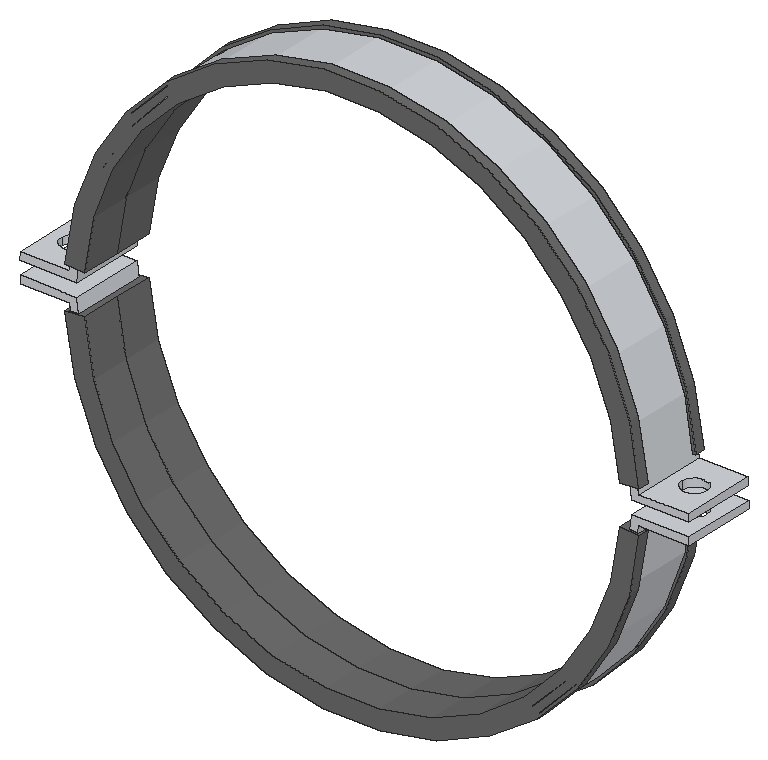
Revit family "Edelstahlrohrschelle V4A, ohne AG, ohne VS, Ø321- 410, Gummi", category HLS-Bauteile, Revit 2017
Family settings
  Bemaßung runder Anschluss = Durchmesser verwenden
  Teiletyp = Normal
  Arbeitsebenenbasiert = Ja
  Immer vertikal = Nein
  Beim Laden mit Abzugskörper schneiden = Nein
  Gemeinsam genutzt = Ja
  Raumberechnungspunkt = Nein
Parameters (values of type "Edelstahlrohrschelle V4A, o.AG, o.VS, Ø351-360, Gummi")
  vpe = "1 St"
  min. Rohraußendurchmesser = 351 mm
  max. zul. Last vertikal = 0.00 kN
  max. zul. Last horizontal = 0.00 kN
  max. Temperaturbeständigkeit = "100 °C"
  max. Rohraußendurchmesser = 360 mm
  für Gewinde = ""
  Default Elevation = 1219.2 mm
  Verschluss-Schraube = ""
  Verschluss = "Schraubenverschluss"
  Stärke Material = 0 mm
  Schalldämmeinlage = "Gummi"
  S = Dmax + 2 * MD + 2 * DS + DF2  # 416 mm
  Rohraußendurchmesser Zoll = " Zoll"
  Rohraußendurchmesser = 0 mm
  Regelhalter [instance] = ""
  Randabstand Lochung = ""
  RM = R + MD  # 191 mm
  R = D0 / 2  # 186 mm
  Nennweite DN Rohr = 0 mm
  Mengeneinheit = "St"
  Materialmaße = "50x5,0 mm"
  Material Schalldämmeinlage = "TPE"
  Material = "Edelstahl"
  MD = 5 mm
  MB = 50 mm
  Lochdurchmesser = ""
  Kurztext2 = "351 - 360 mm ohne Anschluss TPE"
  Kurztext1 = "Rohrschelle Edelstahl V4A 50x5,0"
  Höhe = " mm"
  HGA = 0 mm
  H = D0 + HGA + 2 * MD  # 382 mm
  Gewicht pro Bauteil = Gewicht  # 2.713 kg
  Gewicht = 2.713 kg
  Firma = "MEFA Befestigungs- und Montagesysteme GmbH"
  Farbe Schalldämmeinlage = "schwarz"
  Fabrikat = "MEFA"
  EAN = "4250928413383"
  Dämmstärke = 6 mm
  Dmin = 351 mm
  Dmax = 360 mm
  DVS = 17 mm
  DS = 6 mm
  DF2 = 34 mm
  DF1 = 32 mm
  D0 = D + 2 * DS  # 372 mm
  D = 360 mm
  Breite Material = ""
  Brandschutz = ""
  Baustoffklasse = "B2"
  Bauart = "zweiteilig"
  B = S + DF1  # 448 mm
  Artikelnummer = "0494051"
  Anschlußhöhe = " mm"
  Anschluss = "ohne Anschluss"
  Achsabstand = "416 mm"
  AB = D - Dmin  # 9 mm
  A = MD + HGA + DS  # 11 mm
Types (5, lengths in mm): name | min. Rohraußendurchmesser | max. Rohraußendurchmesser | S | RM | R | Kurztext2 | H | Gewicht pro Bauteil | Gewicht | EAN | Dmin | Dmax | D0 | D | B | Artikelnummer | Achsabstand | AB
  (no name) | 351 | 360 | 416 | 191 | 186 | "351 - 360 mm ohne Anschluss TPE" | 382 | 2.713 kg | 2.713 kg | "4250928413383" | 351 | 360 | 372 | 360 | 448 | "0494051" | "416 mm" | 9
  Edelstahlrohrschelle V4A, o.AG, o.VS, Ø321-325, Gummi | 321 | 325 | 381 | 173.5 | 168.5 | "321 - 325 mm ohne Anschluss TPE" | 347 | 2.51 kg | 2.51 kg | "4250928413376" | 321 | 325 | 337 | 325 | 413 | "0494046" | "382 mm" | 4
  Edelstahlrohrschelle V4A, o.AG, o.VS, Ø351-360, Gummi | 351 | 360 | 416 | 191 | 186 | "351 - 360 mm ohne Anschluss TPE" | 382 | 2.713 kg | 2.713 kg | "4250928413383" | 351 | 360 | 372 | 360 | 448 | "0494051" | "416 mm" | 9
  Edelstahlrohrschelle V4A, o.AG, o.VS, Ø361-370, Gummi | 361 | 370 | 426 | 196 | 191 | "361 - 370 mm ohne Anschluss TPE" | 392 | 2.782 kg | 2.782 kg | "4250928413390" | 361 | 370 | 382 | 370 | 458 | "0494052" | "426 mm" | 9
  Edelstahlrohrschelle V4A, o.AG, o.VS, Ø401-410, Gummi | 401 | 410 | 466 | 216 | 211 | "401 - 410 mm ohne Anschluss TPE" | 432 | 3.051 kg | 3.051 kg | "4250928413406" | 401 | 410 | 422 | 410 | 498 | "0494056" | "466 mm" | 9
Reference planes
  plane 1 "Mitte (Vorne/hinten)": y = 0
  plane 2: z = 0
  plane 3 "Mitte (Links/rechts)": x = 0
  plane 4: x = 186
  plane 5: x = -186
  plane 6: x = 208
  plane 7: x = -208
  plane 8: x = 224
  plane 9: x = -224
  plane 10: z = 4.5
  plane 11: z = -4.5
  plane 12: z = 191
Forms (mm)
  Sweep 1, solid, detail levels medium+fine
    path origin (0, 0, 0) x (1, 0, 0) y (0, 0, 1)
      loop
        line (224, 4.5) -> (185.946, 4.5)
        arc (185.946, 4.5) -> (0, 186) -> (-185.946, 4.5) r 186
        line (-185.946, 4.5) -> (-224, 4.5)
    profile origin (0, 0, 186) x (0, 0, -1) y (0, -1, 0)
      loop
        line (-5, -25) -> (0, -25) -> (0, 25) -> (-5, 25) -> (-5, -25)
  Sweep 2, solid, detail levels medium+fine
    path origin (0, 0, 0) x (1, 0, 0) y (0, 0, -1)
      loop
        line (224, 4.5) -> (185.946, 4.5)
        arc (185.946, 4.5) -> (0, 186) -> (-185.946, 4.5) r 186
        line (-185.946, 4.5) -> (-224, 4.5)
    profile origin (0, 0, -186) x (0, 0, -1) y (0, -1, 0)
      loop
        line (5, -25) -> (5, 25) -> (0, 25) -> (0, -25) -> (5, -25)
  Extrusion 3, void
    sketch origin (0, 0, 0) x (1, 0, 0) y (0, 1, 0)
      loop
        circle (-208, 0) r 8.5
    from -50 to 50
  Extrusion 4, void
    sketch origin (0, 0, 0) x (-1, 0, 0) y (0, -1, 0)
      loop
        circle (-208, 0) r 8.5
    from -50 to 50
  Sweep 5, solid, material "TPE", detail levels medium+fine
    path origin (0, 0, 0) x (1, 0, 0) y (0, 0, 1)
      loop
        arc (185.501, 13.62) -> (0, 186) -> (-185.501, 13.62) r 186
    profile origin (0, 0, 186) x (0, 0, -1) y (0, -1, 0)
      loop
        line (0, 0) -> (0, -25) -> (-5, -25) -> (-5, -20) -> (-6.996, -20) -> (-6.996, -26.952) -> (6.02, -26.952) -> (6.02, 0) -> (6.02, 26.952) -> (-6.996, 26.952) -> (-6.996, 20) -> (-5, 20) -> (-5, 25) -> (0, 25) -> (0, 0)
  Sweep 6, solid, material "TPE", detail levels medium+fine
    path origin (0, 0, 0) x (1, 0, 0) y (0, 0, -1)
      loop
        arc (185.501, 13.62) -> (0, 186) -> (-185.501, 13.62) r 186
    profile origin (0, 0, -186) x (0, 0, -1) y (0, -1, 0)
      loop
        line (0, 0) -> (0, 25) -> (5, 25) -> (5, 20) -> (6.996, 20) -> (6.996, 26.952) -> (-6.02, 26.952) -> (-6.02, 0) -> (-6.02, -26.952) -> (6.996, -26.952) -> (6.996, -20) -> (5, -20) -> (5, -25) -> (0, -25) -> (0, 0)
Cuts and joins
  Extrusion 3, Extrusion 4 cuts Sweep 1
  Extrusion 3, Extrusion 4 cuts Sweep 2
Lines and regions (mm)
  model lines, detail levels fine
    curve 1: line (0, 0, 15) -> (0, 0, -15)
    curve 2: line (0, 15.592, 0) -> (0, -14.408, 0)
    curve 3: line (15, 0, 0) -> (-15, 0, 0)
    curve 4: line (-208, 16.323, 0) -> (-208, -15.841, 0)
    curve 5: line (208, 16.323, 0) -> (208, -15.841, 0)
    curve 6: line (-220.5, 0, 0) -> (-195.5, 0, 0)
    curve 7: line (195.5, 0, 0) -> (220.5, 0, 0)
    curve 8: line (208, 0, 20) -> (208, 0, -20)
    curve 9: line (-208, 0, 20) -> (-208, 0, -20)
  model lines, detail levels coarse
    curve 10: circle (0, 0, 0) r 186 normal (0, -1, 0)
Dimensions and locks
  equal spacing: plane 5, plane 3 "Mitte (Links/rechts)", plane 4
  equal spacing: plane 7, plane 3 "Mitte (Links/rechts)", plane 6
  equal spacing: plane 9, plane 3 "Mitte (Links/rechts)", plane 8
  "D0": plane 5 to plane 4
  "S": plane 7 to plane 6
  "B": plane 9 to plane 8
  equal spacing: plane 11, level, plane 10
  "AB": plane 11 to plane 10
  "MB": Sweep 1 sketch curve to Sweep 1 sketch curve
  "MD": Sweep 1 sketch curve to Sweep 1 sketch curve
  "MB": Sweep 2 sketch curve to Sweep 2 sketch curve
  "MD": Sweep 2 sketch curve to Sweep 2 sketch curve
  "RM": plane 12 to level
  equal spacing: Sweep 1 sketch curve, profile plane, Sweep 1 sketch curve
  equal spacing: Sweep 2 sketch curve, profile plane, Sweep 2 sketch curve
  "D0": diameter of Sweep 1 sketch curve
  "D0": diameter of Sweep 2 sketch curve
  "DVS": diameter of Extrusion 3 sketch curve
  "DVS": diameter of Extrusion 4 sketch curve
  "D0": diameter of Sweep 5 sketch curve
  "D0": diameter of Sweep 6 sketch curve
  "D0": diameter of curve 10
  aligned and locked: level to plane 2
  aligned and locked: plane 8 to Sweep 1 sketch curve
  aligned and locked: plane 10 to Sweep 1 sketch curve  (x2)
  aligned and locked: plane 3 "Mitte (Links/rechts)" to curve 1
  aligned and locked: curve 2 to level
  aligned and locked: curve 3 to level
  aligned and locked: plane 7 to curve 4
  aligned and locked: plane 1 "Mitte (Vorne/hinten)" to curve 6
  aligned and locked: plane 1 "Mitte (Vorne/hinten)" to curve 7
  aligned and locked: plane 6 to curve 5
  aligned and locked: curve 8 to plane 6
  aligned and locked: curve 9 to plane 7
Automatic sketch dimensions
  plane 1 "Mitte (Vorne/hinten)" to curve 2 = 14.408 mm
  curve 2 to plane 1 "Mitte (Vorne/hinten)" = 15.592 mm
  curve 6 to plane 9 = 3.5 mm
  plane 5 to curve 6 = 9.5 mm
  curve 7 to plane 4 = 9.5 mm
  plane 8 to curve 7 = 3.5 mm
  plane 1 "Mitte (Vorne/hinten)" to curve 5 = 15.841 mm
  plane 1 "Mitte (Vorne/hinten)" to curve 4 = 15.841 mm
  curve 5 to plane 1 "Mitte (Vorne/hinten)" = 16.323 mm
  curve 4 to plane 1 "Mitte (Vorne/hinten)" = 16.323 mm
  plane 9 to Sweep 1 sketch curve = 0 mm
  Sweep 1 sketch curve to level = 0 mm
  Sweep 1 sketch curve to plane 3 "Mitte (Links/rechts)" = 0 mm
  Sweep 1 sketch curve to plane 10 = 0 mm
  plane 8 to Sweep 1 sketch curve = 0 mm
  plane 9 to Sweep 2 sketch curve = 0 mm
  Sweep 2 sketch curve to plane 11 = 0 mm  (x3)
  Sweep 2 sketch curve to level = 0 mm
  Sweep 2 sketch curve to plane 3 "Mitte (Links/rechts)" = 0 mm
  plane 8 to Sweep 2 sketch curve = 0 mm
  Sweep 5 sketch curve to level = 0 mm
  Sweep 5 sketch curve to plane 3 "Mitte (Links/rechts)" = 0 mm
  Sweep 5 sketch curve to plane 5 = 0.499 mm
  plane 4 to Sweep 5 sketch curve = 0.499 mm
  Sweep 5 sketch curve to profile plane = 0 mm
  Sweep 5 sketch curve to plane 1 "Mitte (Vorne/hinten)" = 0 mm  (x2)
  profile plane to Sweep 5 sketch curve = 5 mm  (x2)
  Sweep 5 sketch curve to Sweep 5 sketch curve = 1.996 mm  (x2)
  Sweep 5 sketch curve to profile plane = 6.02 mm
  Sweep 5 sketch curve to plane 1 "Mitte (Vorne/hinten)" = 20 mm
  Sweep 5 sketch curve to Sweep 5 sketch curve = 5 mm  (x2)
  Sweep 5 sketch curve to Sweep 5 sketch curve = 1.952 mm  (x2)
  plane 1 "Mitte (Vorne/hinten)" to Sweep 5 sketch curve = 20 mm
  Sweep 6 sketch curve to level = 0 mm
  Sweep 6 sketch curve to plane 3 "Mitte (Links/rechts)" = 0 mm
  plane 5 to Sweep 6 sketch curve = 0.499 mm
  Sweep 6 sketch curve to plane 4 = 0.499 mm
  Sweep 6 sketch curve to plane 1 "Mitte (Vorne/hinten)" = 0 mm  (x2)
  Sweep 6 sketch curve to profile plane = 0 mm
  profile plane to Sweep 6 sketch curve = 6.02 mm
  Sweep 6 sketch curve to profile plane = 5 mm  (x2)
  Sweep 6 sketch curve to Sweep 6 sketch curve = 1.996 mm  (x2)
  Sweep 6 sketch curve to plane 1 "Mitte (Vorne/hinten)" = 20 mm
  Sweep 6 sketch curve to Sweep 6 sketch curve = 5 mm  (x2)
  Sweep 6 sketch curve to Sweep 6 sketch curve = 1.952 mm  (x2)
  plane 1 "Mitte (Vorne/hinten)" to Sweep 6 sketch curve = 20 mm
  curve 10 to level = 0 mm
  curve 10 to plane 3 "Mitte (Links/rechts)" = 0 mm
  curve 3 to plane 3 "Mitte (Links/rechts)" = 15 mm
  plane 3 "Mitte (Links/rechts)" to curve 3 = 15 mm
  curve 1 to plane 11 = 10.5 mm
  curve 8 to plane 11 = 15.5 mm
  curve 9 to plane 11 = 15.5 mm
  plane 10 to curve 1 = 10.5 mm
  plane 10 to curve 8 = 15.5 mm
  plane 10 to curve 9 = 15.5 mm
  Sweep 1 sketch curve to profile plane = 0 mm
  Sweep 2 sketch curve to profile plane = 0 mm
  plane 1 "Mitte (Vorne/hinten)" to Extrusion 3 sketch curve = 0 mm
  Extrusion 3 sketch curve to plane 7 = 0 mm
  plane 1 "Mitte (Vorne/hinten)" to Extrusion 4 sketch curve = 0 mm
  Extrusion 4 sketch curve to plane 6 = 0 mm
